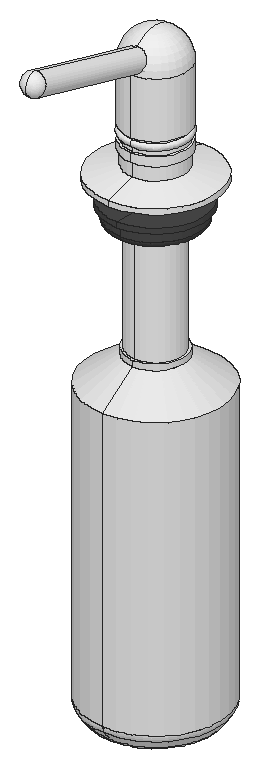
Revit family "Kitchen_Soap_Dispenser-American_Standard-4503.115_Series", category Specialty Equipment, Revit 2014
Parameters (values of type "4503.115.002")
  Width = 3 1/4"
  URL = "http://www.americanstandard-us.com"
  Specification = "Bidet Fitting. Metal Speed Connect Pop-up drain. Swivel spray aerator."
  Product URL = "https://www.americanstandard-us.com/kitchens/kitchen-accessories/kitchen-faucet-liquid-soap-dispenser-16976?variant=stainless-steel"
  Product Documentation Link = "https://www.americanstandard-us.com/-/media/sites/asus/files/product-specs/bulk/specsheet4503115.pdf?la=en"
  Model = "4503.115.002"
  Material = "Metal-American Standard-002-Polished Chrome"
  Manufacturer = "American Standard"
  Length = 3 1/4"
  Height = 12 7/8"
  Finish = Metal-American Standard-002-Polished Chrome
  Description = "Liquid Soap Dispenser"
  Assembly Code = "C1030200"
Types (4): name | Model | Material | Finish
  (no name) | "4503.115.002" | "Metal-American Standard-002-Polished Chrome" | Metal-American Standard-002-Polished Chrome
  4503.115.002 | "4503.115.002" | "Metal-American Standard-002-Polished Chrome" | Metal-American Standard-002-Polished Chrome
  4503.115.075 | "4503.115.075" | "Metal-American Standard-075-Stainless steel" | Metal-American Standard-075-Stainless steel
  4503.115.295 | "4503.115.295" | "Metal-American Standard-295-Brushed Nickel" | Metal-American Standard-295-Brushed Nickel
Reference planes (in)
  plane 1 "Center (Front/Back)": y = 0
  plane 2: z = 0
  plane 3 "Center (Left/Right)": x = 0
  plane 4: y = -3.25
  plane 5: z = 3.25
  plane 6: z = -9.625
  plane 7: y = -1.3125
  plane 8: y = 1.3125
Forms (in)
  Revolve 1, solid, material "Metal-American Standard-002-Polished Chrome" <- "Finish"
    sketch origin (0, 0, 0) x (0, 1, 0) y (0, 0, 1)
      loop
        line (-0.50947, -3.02584) -> (0, -3.02584) -> (0, 2.737)
        arc (0, 2.737) -> (-0.43819, 2.55549) -> (-0.61969, 2.1173) r 0.61969
        line (-0.61969, 2.1173) -> (-0.61969, 0.99688) -> (-0.57033, 0.99688) -> (-0.57033, 0.93822)
        arc (-0.57033, 0.93822) -> (-0.63128, 0.87727) -> (-0.57033, 0.81632) r 0.06095
        line (-0.57033, 0.81632) -> (-0.57033, 0.72482) -> (-0.61969, 0.72482) -> (-0.61969, 0.55147) -> (-0.57033, 0.55147) -> (-0.57033, 0.26284) -> (-1.17346, 0.10123) -> (-1.17346, 0) -> (-0.50947, 0) -> (-0.50947, -3.02584)
      axis (0, -3.02584) -> (0, 2.737)
    angle from 0 to 360
  Revolve 2, solid, material "Metal-American Standard-002-Polished Chrome" <- "Finish"
    sketch origin (0, -0.03125, -0.03125) x (0, 1, 0) y (0, 0, 1)
      loop
        line (0.05734, 2.45898) -> (-2.94624, 3.26379)
        arc (-2.94624, 3.26379) -> (-3.11437, 3.24166) -> (-3.2176, 3.10712) r 0.22156
        line (-3.2176, 3.10712) -> (0, 2.24497) -> (0.05734, 2.45898)
      axis (-3.2176, 3.10712) -> (0, 2.24497)
    angle from 0 to 360
  Revolve 3, solid, material "Plastic-American Standard-White"
    sketch origin (0, 0, 0) x (0, 1, 0) y (0, 0, 1)
      loop
        line (-0.96174, -0.36755) -> (-0.96174, -0.46925) -> (-0.87457, -0.46925) -> (-0.87457, -0.66756)
        arc (-0.87457, -0.66756) -> (-0.84188, -0.74649) -> (-0.76295, -0.77918) r 0.11162
        line (-0.76295, -0.77918) -> (0, -0.77918) -> (0, -0.36755) -> (-0.96174, -0.36755)
      loop
        line (0, -3.02584) -> (-0.56705, -3.02584) -> (-0.56705, -3.13723) -> (-1.3125, -3.65919) -> (-1.3125, -9.28044)
        arc (-1.3125, -9.28044) -> (-1.3025, -9.34543) -> (-1.27341, -9.40441) r 0.21613
        line (-1.27341, -9.40441) -> (-1.15686, -9.57087)
        arc (-1.15686, -9.57087) -> (-1.11148, -9.61066) -> (-1.05287, -9.625) r 0.12695
        line (-1.05287, -9.625) -> (0, -9.625) -> (0, -3.02584)
      axis (0, -9.625) -> (0, -0.36755)
    angle from 0 to 360
Cuts and joins
  joined: Revolve 1, Revolve 2
Dimensions and locks (in)
  equal spacing: plane 8, plane 1 "Center (Front/Back)", plane 7
  plane 8 to plane 7 = 2 5/8"
  plane 6 to level = 9 5/8"
  locked: plane 5 to level at 3.25
  locked: plane 1 "Center (Front/Back)" to plane 4 at 3.25
Automatic sketch dimensions
  plane 1 "Center (Front/Back)" to Revolve 2 sketch curve = 1/32"
  Revolve 2 sketch curve to plane 5 = 0.01746"
  Revolve 2 sketch curve to plane 4 = 0.27251"
  Revolve 2 sketch curve to Revolve 2 sketch curve = 0.05734"
  Revolve 2 sketch curve to plane 4 = 0.00115"
  Revolve 2 sketch curve to plane 1 "Center (Front/Back)" = 0.02609"
  Revolve 2 sketch curve to plane 5 = 0.17413"
  plane 1 "Center (Front/Back)" to Revolve 2 sketch curve = 0.24516"
  Revolve 2 sketch curve to Revolve 2 sketch curve = 0.18693"
  Revolve 2 sketch curve to Revolve 2 sketch curve = 0.1074"
  Revolve 2 sketch curve to Revolve 2 sketch curve = 0.05009"
  Revolve 1 sketch curve to level = 0"
  Revolve 1 sketch curve to plane 1 "Center (Front/Back)" = 0"  (x2)
  Revolve 1 sketch curve to plane 7 = 0.13904"
  Revolve 1 sketch curve to Revolve 1 sketch curve = 0"
  Revolve 1 sketch curve to Revolve 1 sketch curve = 0.04937"  (x2)
  level to Revolve 1 sketch curve = 0.26284"
  Revolve 1 sketch curve to Revolve 1 sketch curve = 0.10123"
  Revolve 1 sketch curve to Revolve 1 sketch curve = 0.28863"
  Revolve 1 sketch curve to Revolve 1 sketch curve = 0.17335"
  Revolve 1 sketch curve to Revolve 1 sketch curve = 0.09149"
  Revolve 1 sketch curve to Revolve 1 sketch curve = 0.06095"
  Revolve 1 sketch curve to Revolve 1 sketch curve = 0.05866"
  Revolve 1 sketch curve to Revolve 1 sketch curve = 1.12042"
  Revolve 1 sketch curve to Revolve 1 sketch curve = 0.06085"
  Revolve 1 sketch curve to Revolve 1 sketch curve = 3/4"
  plane 1 "Center (Front/Back)" to Revolve 1 sketch curve = 0.61969"
  Revolve 1 sketch curve to level = 3.02584"
  plane 6 to Revolve 1 sketch curve = 0.40119"
  Revolve 3 sketch curve to plane 7 = 0"
  plane 6 to Revolve 3 sketch curve = 0"
  Revolve 3 sketch curve to plane 1 "Center (Front/Back)" = 0"  (x3)
  Revolve 3 sketch curve to plane 7 = 0.03909"
  Revolve 3 sketch curve to plane 6 = 0.05413"
  Revolve 3 sketch curve to plane 7 = 0.15564"
  Revolve 3 sketch curve to Revolve 3 sketch curve = 0.21613"
  Revolve 3 sketch curve to Revolve 3 sketch curve = 0.10399"
  Revolve 3 sketch curve to plane 7 = 0.35076"
  Revolve 3 sketch curve to Revolve 3 sketch curve = 0.08717"
  Revolve 3 sketch curve to Revolve 3 sketch curve = 0.11162"
  plane 1 "Center (Front/Back)" to Revolve 3 sketch curve = 0.56705"
  Revolve 3 sketch curve to Revolve 3 sketch curve = 0.16646"
  Revolve 3 sketch curve to level = 3.65919"
  Revolve 3 sketch curve to Revolve 3 sketch curve = 0.52197"
  Revolve 3 sketch curve to Revolve 3 sketch curve = 0.11139"
  Revolve 3 sketch curve to level = 0.77918"
  Revolve 3 sketch curve to Revolve 3 sketch curve = 0.19831"
  Revolve 3 sketch curve to level = 0.36755"
  Revolve 3 sketch curve to Revolve 3 sketch curve = 3/4"  (x2)
